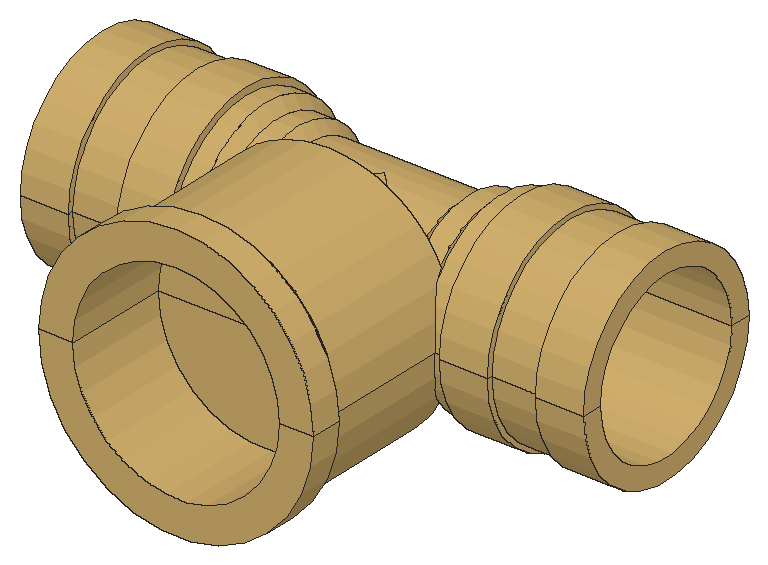
Revit family "UPEX_Te_Fem", category Pipe Fittings, Revit 2025
Family settings
  Round Connector Dimension = Use Radius
  Part Type = Tee
  OmniClass Number = 23.60.30.11.14
  OmniClass Title = Pipework Fittings
  Work Plane-Based = No
  Always vertical = Yes
  Cut with Voids When Loaded = No
  Shared = No
Parameters
  Ângulo = 90.00°
  URL = "https://www.ultrapex.com.br/_files/ugd/9f3173_32d47a29bbff48b5af4781a5d529eee8.pdf"
  ULTRAPEX: Versão = "01"  # constant formula
  ULTRAPEX: Norma Técnica = "NBR 15939"  # constant formula
  ULTRAPEX: Descrição [instance] = size_lookup(LookupTable, "DES", "Produto Inexistente", DN1, DN2)  # "Tê Femea 16x1/2\" - ULTRAPEX"
  ULTRAPEX: Código [instance] = size_lookup(LookupTable, "COD", 0, DN1, DN2)  # 9151612
  Type Image = Tê Fêmea.png
  RN2 [instance] = 10 mm
  RN1 [instance] = 8 mm
  Material = Latão - Ultrapex
  LookupTable [instance] = "Tê Fêmea - ULTRAPEX"
  IfcExportAs = "IfcPipeFittingType.CONNECTOR"  # constant formula
  Manufacturer = "UltraPEX"  # constant formula
  Default Elevation = 0.000 mm
  Description = "Tê Fêmea - ULTRAPEX"
  DN2 Nominal [instance] = RN2 * 2  # 20 mm
  DN2 [instance] = if(DN2 Nominal = 20.000 mm, 20.100 mm, if(DN2 Nominal = 25.000 mm, 26.400 mm, if(DN2 Nominal = 32.000 mm, 33.400 mm, 20.000 mm)))  # 20.100 mm
  DN1 [instance] = RN1 * 2  # 16 mm
  Cota J [instance] = Cota E + 2 * Cota F  # 54.700 mm
  Cota H [instance] = size_lookup(LookupTable, "H", 6.000 mm, DN1, DN2)  # 6.000 mm
  Cota I [instance] = Cota D / 2  # 7.250 mm
  Cota G [instance] = size_lookup(LookupTable, "G", 2.100 mm, DN1, DN2)  # 2.100 mm
  Cota F [instance] = size_lookup(LookupTable, "F", 14.000 mm, DN1, DN2)  # 14.000 mm
  Cota E [instance] = size_lookup(LookupTable, "E", 26.700 mm, DN1, DN2)  # 26.700 mm
  Cota D [instance] = size_lookup(LookupTable, "D", 14.500 mm, DN1, DN2)  # 14.500 mm
  Cota C [instance] = size_lookup(LookupTable, "C", 10.300 mm, DN1, DN2)  # 10.300 mm
  Cota B [instance] = size_lookup(LookupTable, "B", 34.600 mm, DN1, DN2)  # 34.600 mm
  Cota A [instance] = size_lookup(LookupTable, "A", 57.600 mm, DN1, DN2)  # 53.600 mm
  Alerta [instance] = if(ULTRAPEX: Código = 0, 1 = 1, 1 = 0)  # no
Reference planes
  plane 1 "Centro (Frente/Trás)": y = 0
  plane 2: z = 0
  plane 3 "Centro (Esquerda/Direita)": x = 0
  plane 4: x = -10.05
  plane 5: x = 10.05
  plane 6: y = -7.25
  plane 7: y = 7.25
  plane 8: x = -26.8
  plane 9: x = 26.8
  plane 10: x = -13.35
  plane 11: x = 13.35
  plane 12: x = -7.35
  plane 13: x = 7.35
  plane 14: y = -14.95
  plane 15: y = -25.25
  plane 16: y = 9.35
  plane 17: y = -9.35
Forms (mm)
  Sweep 1, solid, material "Latão - Ultrapex" <- "Material", detail levels fine
    path origin (0, 0, 0) x (1, 0, 0) y (0, 1, 0)
      loop
        line (-7.35, 0) -> (7.35, 0)
    profile origin (0, 0, 0) x (0, 1, 0) y (0, 0, 1)
      loop
        circle (0, 0) r 7.25
  Revolve 2, solid, material "Latão - Ultrapex" <- "Material", detail levels fine
    sketch origin (0, 0, 0) x (-1, 0, 0) y (0, 1, 0)
      loop
        line (8.4, -8.3) -> (10.35, -8.3) -> (11.4, -9.35) -> (13.35, -9.35) -> (13.35, 0) -> (7.35, 0) -> (7.35, -7.25) -> (8.4, -8.3)
      axis (13.35, 0) -> (7.35, 0)
    angle from 0 to 360
  Revolve 3, solid, material "Latão - Ultrapex" <- "Material", detail levels fine
    sketch origin (0, 0, 0) x (1, 0, 0) y (0, 1, 0)
      loop
        line (8.4, -8.3) -> (10.35, -8.3) -> (11.4, -9.35) -> (13.35, -9.35) -> (13.35, 0) -> (7.35, 0) -> (7.35, -7.25) -> (8.4, -8.3)
      axis (13.35, 0) -> (7.35, 0)
    angle from 0 to 360
  Revolve 4, solid, material "Latão - Ultrapex" <- "Material", detail levels fine
    sketch origin (0, 0, 0) x (1, 0, 0) y (0, 1, 0)
      loop
        line (0, -14.95) -> (10.05, -14.95) -> (10.05, -25.25) -> (13.35, -25.25) -> (13.35, -22.25) -> (12.35, -21.25) -> (12.35, -6.75) -> (7.25, -3.806) -> (7.25, 0) -> (0, 0) -> (0, -14.95)
      axis (0, -25.25) -> (0, 0)
    angle from 0 to 360
Cuts and joins
  joined: Sweep 1, Revolve 2, Revolve 3, Revolve 4
Lines and regions (mm)
  model lines, style "PipeFittingCenterLine", detail levels coarse+medium
    curve 1: line (-13.35, 0, 0) -> (13.35, 0, 0)
    curve 2: line (0, 0, 0) -> (0, -25.25, 0)
Dimensions and locks
  equal spacing: plane 6, plane 1 "Centro (Frente/Trás)", plane 7  (x2)
  equal spacing: plane 4, plane 3 "Centro (Esquerda/Direita)", plane 5
  "DN2": plane 4 to plane 5
  equal spacing: plane 10, plane 3 "Centro (Esquerda/Direita)", plane 11
  "Cota E": plane 10 to plane 11
  "Cota D": plane 6 to plane 7
  plane 6 to Revolve 2 sketch curve = 1.050 mm
  "Cota H": plane 10 to plane 12
  "Cota H": plane 13 to plane 11
  equal spacing: plane 10, Revolve 2 sketch curve, plane 12
  Revolve 3 sketch curve to plane 6 = 1.050 mm
  equal spacing: plane 13, Revolve 3 sketch curve, plane 11
  "Cota C": plane 15 to plane 14
  "Cota B": plane 15 to plane 16
  locked: Revolve 4 sketch curve to plane 15 at 3
  locked: Revolve 4 sketch curve to plane 11 at 1
  locked: plane 6 to Revolve 4 sketch curve at 0.5
  "Cota I": plane 3 "Centro (Esquerda/Direita)" to Revolve 4 sketch curve
  "Cota G": plane 7 to plane 16
  equal spacing: plane 17, plane 1 "Centro (Frente/Trás)", plane 16
  "Cota D": diameter of Sweep 1 sketch curve
  locked: plane 6 to Revolve 2 sketch curve (angle 45.00°)
  locked: Revolve 3 sketch curve to plane 6 (angle 45.00°)
  locked: Revolve 4 sketch curve to plane 1 "Centro (Frente/Trás)" (angle 30.00°)
  aligned and locked: plane 2 to level
  aligned and locked: plane 1 "Centro (Frente/Trás)" to Sweep 1 sketch curve
  aligned and locked: nested 1 to plane 1 "Centro (Frente/Trás)"
  aligned and locked: plane 12 to Revolve 2 sketch curve  (x2)
  aligned and locked: plane 12 to Sweep 1 sketch curve
  aligned and locked: plane 13 to Sweep 1 sketch curve
  aligned and locked: Revolve 3 sketch curve to plane 11
  aligned and locked: Revolve 3 sketch curve to plane 13
  aligned and locked: Revolve 3 sketch curve to plane 1 "Centro (Frente/Trás)"  (x2)
  aligned and locked: nested 2 to plane 11
  aligned and locked: nested 1 to plane 10
  aligned and locked: plane 3 "Centro (Esquerda/Direita)" to curve 2
  aligned and locked: plane 1 "Centro (Frente/Trás)" to curve 1
  aligned and locked: plane 10 to curve 1
  aligned and locked: plane 11 to curve 1
  aligned and locked: Revolve 4 sketch curve to plane 15
  aligned and locked: plane 11 to Revolve 4 sketch curve
  aligned and locked: plane 1 "Centro (Frente/Trás)" to Revolve 4 sketch curve
  aligned and locked: plane 3 "Centro (Esquerda/Direita)" to Revolve 4 sketch curve  (x2)
  aligned and locked: plane 5 to Revolve 4 sketch curve
  aligned and locked: plane 14 to Revolve 4 sketch curve
  aligned and locked: plane 17 to Revolve 2 sketch curve
  aligned and locked: Revolve 3 sketch curve to plane 17
  aligned and locked: plane 15 to curve 2
Automatic sketch dimensions
  plane 1 "Centro (Frente/Trás)" to Revolve 2 sketch curve = 0.000 mm  (x2)
  Revolve 2 sketch curve to plane 4 = 0.000 mm
  Revolve 2 sketch curve to plane 10 = 0.000 mm
  plane 6 to Revolve 2 sketch curve = 0.000 mm
  Revolve 2 sketch curve to plane 6 = 1.050 mm
  Revolve 2 sketch curve to Revolve 2 sketch curve = 1.050 mm
  Revolve 2 sketch curve to Revolve 2 sketch curve = 0.550 mm
  Revolve 3 sketch curve to plane 5 = 0.000 mm
  plane 6 to Revolve 3 sketch curve = 0.000 mm
  plane 6 to Revolve 3 sketch curve = 1.050 mm
  Revolve 3 sketch curve to Revolve 3 sketch curve = 1.050 mm
  Revolve 3 sketch curve to Revolve 3 sketch curve = 0.550 mm
  Sweep 1 sketch curve to level = 0.000 mm
  Sweep 1 sketch curve to profile plane = 0.000 mm
  plane 14 to Revolve 4 sketch curve = 0.000 mm
  plane 1 "Centro (Frente/Trás)" to Revolve 4 sketch curve = 0.000 mm
  Revolve 4 sketch curve to Revolve 4 sketch curve = 1.000 mm
Nested families
  nested 1: "Anel Deslizante - ULTRAPEX" at (-13.35, 0, 0) x (0, 1, 0) z (0, 0, 1), Diâmetro Nominal <- "DN1", type "Anel Deslizante - ULTRAPEX"
    with ULTRAPEX: Descrição "Anel Deslizante 16 mm - ULTRAPEX", ULTRAPEX: Código 9040016, Diâmetro Nominal 16 mm, DN 16.000 mm, Cota C 4.667 mm, Cota B 14.000 mm, Cota A 20.000 mm
  nested 2: "Anel Deslizante - ULTRAPEX" at (13.35, 0, 0) x (0, 1, 0) z (0, 0, 1), Diâmetro Nominal <- "DN1", type "Anel Deslizante - ULTRAPEX"
    with ULTRAPEX: Descrição "Anel Deslizante 16 mm - ULTRAPEX", ULTRAPEX: Código 9040016, Diâmetro Nominal 16 mm, DN 16.000 mm, Cota C 4.667 mm, Cota B 14.000 mm, Cota A 20.000 mm
Connectors
  piping at (13.35, 0, 0), diameter 16, driven by "RN1", driven by "Ângulo"
    settings: on nested 2, index 1, connector inside diameter 609.6 mm, connector length 0.000 mm, flow factor 0, pipe flow 0.0 L/s, pressure drop 0.0 Pa, fitting loss kfactor 0, connector angle 90.00°, fixture units 0, engagement length 0.000 mm, angle of deflection 0.00°, flow configuration 0, flow direction 0, fitting loss method 0, system type 28, joint type 0, gender type 0, connector reference index 2, connector utility 0, adjustable connector no, is connector primary no, connector description ""
  piping at (-13.35, 0, 0), diameter 16, driven by "RN1", driven by "Ângulo"
    settings: on nested 1, index 2, connector inside diameter 609.6 mm, connector length 0.000 mm, flow factor 0, pipe flow 0.0 L/s, pressure drop 0.0 Pa, fitting loss kfactor 0, connector angle 90.00°, fixture units 0, engagement length 0.000 mm, angle of deflection 0.00°, flow configuration 0, flow direction 0, fitting loss method 0, system type 28, joint type 0, gender type 0, connector reference index 1, connector utility 0, adjustable connector no, is connector primary yes, connector description ""
  piping at (0, -14.95, 0), diameter 20, driven by "RN2"
    settings: on cut or joined group of Sweep 1, Revolve 2, Revolve 3, Revolve 4, index 3, connector inside diameter 609.6 mm, connector length 0.000 mm, flow factor 0, pipe flow 0.0 L/s, pressure drop 0.0 Pa, fitting loss kfactor 0, connector angle 0.00°, fixture units 0, engagement length 0.000 mm, angle of deflection 0.00°, flow configuration 0, flow direction 0, fitting loss method 0, system type 28, joint type 0, gender type 0, connector reference index -1, connector utility 0, adjustable connector no, is connector primary no, connector description ""
Definition of nested family "Anel Deslizante - ULTRAPEX"
  Parameters (values of type "ANEL DESLIZANTE 16mm")
    URL = "https://www.ultrapex.com.br/_files/ugd/9f3173_32d47a29bbff48b5af4781a5d529eee8.pdf"
    ULTRAPEX: Versão = "00"  # constant formula
    ULTRAPEX: Norma Técnica = "NBR 15939"  # constant formula
    ULTRAPEX: Descrição [instance] = size_lookup(LookupTable, "DES", "Produto Inexistente", Diâmetro Nominal)  # "Anel Deslizante 16 mm - ULTRAPEX"
    ULTRAPEX: Código [instance] = size_lookup(LookupTable, "COD", 0, Diâmetro Nominal)  # 9040016
    Type Image = element 369660
    Material = none
    LookupTable = "Anel Deslizante - ULTRAPEX"  # constant formula
    IfcExportAs = "IfcPipeFittingType.CONNECTOR"  # constant formula
    Manufacturer = "UltraPEX"  # constant formula
    Default Elevation = 0.000 mm
    Diâmetro Nominal [instance] = 16 mm
    Description = "Anel Deslizante - ULTRAPEX"
    DN [instance] = size_lookup(LookupTable, "DN", 16.000 mm, Diâmetro Nominal)  # 16.000 mm
    Cota C [instance] = Cota B / 3  # 4.667 mm
    Cota B [instance] = size_lookup(LookupTable, "B", 14.000 mm, Diâmetro Nominal)  # 14.000 mm
    Cota A [instance] = size_lookup(LookupTable, "A", 20.000 mm, Diâmetro Nominal)  # 20.000 mm
  Reference planes
    plane 1 "Centro (Frente/Trás)": y = 0
    plane 2: z = 0
    plane 3 "Centro (Esquerda/Direita)": x = 0
    plane 4: x = 8
    plane 5: x = -8
    plane 6: x = -10
    plane 7: x = 10
    plane 8: y = 14
  Forms (mm)
    Revolve 1, solid, material <- "Material", detail levels fine
      sketch origin (0, 0, 0) x (1, 0, 0) y (0, 1, 0)
        loop
          line (10, 0) -> (10, 14) -> (8, 14) -> (8, 0) -> (10, 0)
        axis (0, 0) -> (0, 14)
      angle from 0 to 360
    Revolve 2, void
      sketch origin (0, 0, 0) x (1, 0, 0) y (0, 1, 0)
        loop
          line (-10.952, 9.333) -> (-10.952, 4.667) -> (-9.524, 4.667) -> (-9.524, 9.333) -> (-10.952, 9.333)
        axis (0, 4.667) -> (0, 9.333)
      angle from 0 to 360
  Cuts and joins
    Revolve 2 cuts Revolve 1
  Lines and regions (mm)
    model lines, detail levels coarse+medium
      curve 1: line (0, 0, 0) -> (0, 14, 0)
  Dimensions and locks
    "DN": plane 5 to plane 4
    "Cota A": plane 6 to plane 7
    equal spacing: plane 6, plane 3 "Centro (Esquerda/Direita)", plane 7
    equal spacing: plane 5, plane 3 "Centro (Esquerda/Direita)", plane 4
    "Cota B": plane 1 "Centro (Frente/Trás)" to plane 8
    "Cota C": Revolve 2 sketch curve to plane 8
    "Cota C": plane 1 "Centro (Frente/Trás)" to Revolve 2 sketch curve
    locked: plane 6 to Revolve 2 sketch curve at 0.476
    locked: Revolve 2 sketch curve to Revolve 2 sketch curve at 1.428
    aligned and locked: level to plane 2
    aligned and locked: plane 3 "Centro (Esquerda/Direita)" to Revolve 1 sketch curve
    aligned and locked: Revolve 1 sketch curve to plane 7
    aligned and locked: plane 4 to Revolve 1 sketch curve
    aligned and locked: plane 1 "Centro (Frente/Trás)" to Revolve 1 sketch curve
    aligned and locked: plane 8 to Revolve 1 sketch curve
    aligned and locked: plane 8 to curve 1
    aligned and locked: plane 1 "Centro (Frente/Trás)" to curve 1
  Automatic sketch dimensions
    plane 1 "Centro (Frente/Trás)" to Revolve 1 sketch curve = 0.000 mm
    Revolve 1 sketch curve to Revolve 1 sketch curve = 0.000 mm
    curve 1 to plane 3 "Centro (Esquerda/Direita)" = 0.000 mm
    Revolve 2 sketch curve to plane 3 "Centro (Esquerda/Direita)" = 0.000 mm
    plane 1 "Centro (Frente/Trás)" to Revolve 2 sketch curve = 0.000 mm
    plane 8 to Revolve 2 sketch curve = 2.253 mm
